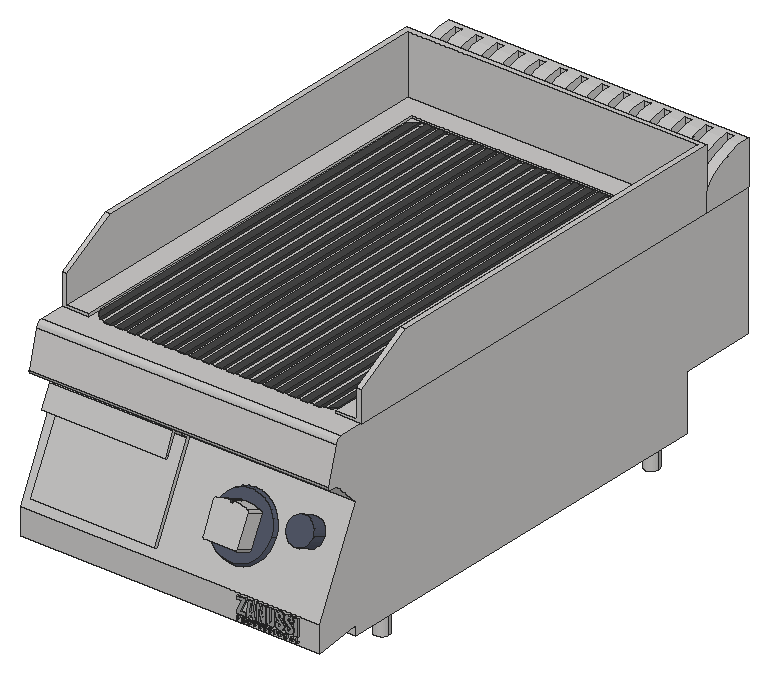
Revit family "QF_ZANUSSI_372323_Z7IILAAOMCA", category Specialty Equipment, Revit 2018 (continued)
Definition of nested family "ZAN_Logo_S_Grey_Professional"
  Forms (mm)
    Extrusion 2, solid, material <- "Materiale"
      sketch origin (17.793, -46.218, 0) x (-1, 0, 0) y (0, -1, 0)
        loop
          spline (5.66, -53.526) -> (5.954, -53.066) -> (6.206, -52.57) -> (6.417, -52.047) -> (6.588, -51.502) -> (6.718, -50.944) -> (6.809, -50.378) -> (6.86, -49.813) -> (6.872, -49.254) -> (6.846, -48.71) -> (6.782, -48.186) -> (6.68, -47.691) -> (6.541, -47.23)
          line (6.541, -47.23) -> (4.526, -44.334) -> (2.386, -42.445)
          spline (2.386, -42.445) -> (2.16, -42.258) -> (1.927, -42.074) -> (1.689, -41.89) -> (1.448, -41.703) -> (1.207, -41.512) -> (0.969, -41.312) -> (0.736, -41.101) -> (0.511, -40.878) -> (0.296, -40.639) -> (0.095, -40.381) -> (-0.091, -40.103) -> (-0.259, -39.8)
          spline (-0.259, -39.8) -> (-0.29, -39.607) -> (-0.318, -39.405) -> (-0.339, -39.197) -> (-0.352, -38.984) -> (-0.352, -38.771) -> (-0.337, -38.557) -> (-0.304, -38.346) -> (-0.249, -38.14) -> (-0.17, -37.941) -> (-0.063, -37.751) -> (0.074, -37.573) -> (0.245, -37.408)
          line (0.245, -37.408) -> (1.882, -37.282)
          spline (1.882, -37.282) -> (2.188, -37.491) -> (2.42, -37.736) -> (2.586, -38.012) -> (2.698, -38.313) -> (2.765, -38.633) -> (2.795, -38.966) -> (2.799, -39.308) -> (2.787, -39.651) -> (2.767, -39.991) -> (2.751, -40.322) -> (2.746, -40.638) -> (2.763, -40.934)
          line (2.763, -40.934) -> (7.171, -40.934)
          spline (7.171, -40.934) -> (7.223, -40.399) -> (7.252, -39.866) -> (7.257, -39.336) -> (7.236, -38.812) -> (7.187, -38.295) -> (7.108, -37.786) -> (6.997, -37.288) -> (6.854, -36.802) -> (6.675, -36.33) -> (6.46, -35.874) -> (6.206, -35.435) -> (5.912, -35.015)
          spline (5.912, -35.015) -> (5.55, -34.687) -> (5.16, -34.396) -> (4.745, -34.14) -> (4.307, -33.92) -> (3.85, -33.734) -> (3.377, -33.583) -> (2.891, -33.466) -> (2.395, -33.383) -> (1.892, -33.333) -> (1.385, -33.316) -> (0.877, -33.331) -> (0.371, -33.378)
          spline (0.371, -33.378) -> (-0.163, -33.462) -> (-0.693, -33.587) -> (-1.213, -33.752) -> (-1.718, -33.957) -> (-2.205, -34.2) -> (-2.667, -34.48) -> (-3.1, -34.798) -> (-3.5, -35.151) -> (-3.861, -35.539) -> (-4.179, -35.961) -> (-4.449, -36.417) -> (-4.666, -36.904)
          spline (-4.666, -36.904) -> (-4.8, -37.505) -> (-4.888, -38.107) -> (-4.93, -38.709) -> (-4.927, -39.306) -> (-4.881, -39.897) -> (-4.792, -40.477) -> (-4.661, -41.045) -> (-4.489, -41.596) -> (-4.276, -42.128) -> (-4.025, -42.638) -> (-3.735, -43.122) -> (-3.407, -43.578)
          line (-3.407, -43.578) -> (1.63, -48.112) -> (2.26, -48.867)
          spline (2.26, -48.867) -> (2.325, -49.027) -> (2.392, -49.191) -> (2.459, -49.359) -> (2.521, -49.529) -> (2.576, -49.702) -> (2.622, -49.874) -> (2.654, -50.047) -> (2.67, -50.22) -> (2.667, -50.39) -> (2.642, -50.558) -> (2.591, -50.722) -> (2.512, -50.882)
          spline (2.512, -50.882) -> (2.439, -51.029) -> (2.347, -51.157) -> (2.24, -51.266) -> (2.12, -51.358) -> (1.989, -51.434) -> (1.851, -51.496) -> (1.707, -51.545) -> (1.56, -51.582) -> (1.414, -51.608) -> (1.27, -51.625) -> (1.131, -51.635) -> (1.001, -51.638)
          line (1.001, -51.638) -> (-0.259, -50.756) -> (-0.385, -48.112) -> (-4.54, -48.112)
          spline (-4.54, -48.112) -> (-4.545, -48.463) -> (-4.556, -48.822) -> (-4.572, -49.188) -> (-4.587, -49.557) -> (-4.598, -49.929) -> (-4.603, -50.3) -> (-4.597, -50.668) -> (-4.577, -51.031) -> (-4.54, -51.388) -> (-4.482, -51.735) -> (-4.399, -52.071) -> (-4.288, -52.393)
          spline (-4.288, -52.393) -> (-4.176, -52.644) -> (-4.031, -52.894) -> (-3.857, -53.139) -> (-3.659, -53.377) -> (-3.439, -53.607) -> (-3.202, -53.825) -> (-2.952, -54.031) -> (-2.693, -54.221) -> (-2.429, -54.394) -> (-2.163, -54.547) -> (-1.9, -54.678) -> (-1.644, -54.786)
        loop
          spline (-16.755, -52.519) -> (-16.407, -53.083) -> (-15.998, -53.58) -> (-15.535, -54.012) -> (-15.024, -54.38) -> (-14.474, -54.684) -> (-13.89, -54.927) -> (-13.28, -55.11) -> (-12.651, -55.233) -> (-12.009, -55.299) -> (-11.362, -55.308) -> (-10.717, -55.263) -> (-10.081, -55.163)
          spline (-10.081, -55.163) -> (-9.638, -55.08) -> (-9.196, -54.956) -> (-8.761, -54.793) -> (-8.336, -54.594) -> (-7.93, -54.36) -> (-7.547, -54.093) -> (-7.192, -53.794) -> (-6.872, -53.466) -> (-6.592, -53.109) -> (-6.358, -52.726) -> (-6.176, -52.319) -> (-6.051, -51.889)
          spline (-6.051, -51.889) -> (-5.857, -51.316) -> (-5.715, -50.731) -> (-5.626, -50.14) -> (-5.589, -49.548) -> (-5.605, -48.959) -> (-5.673, -48.379) -> (-5.794, -47.812) -> (-5.967, -47.263) -> (-6.193, -46.736) -> (-6.471, -46.237) -> (-6.802, -45.771) -> (-7.185, -45.341)
          line (-7.185, -45.341) -> (-11.844, -41.186) -> (-12.851, -39.675)
          spline (-12.851, -39.675) -> (-12.882, -39.483) -> (-12.91, -39.288) -> (-12.934, -39.09) -> (-12.949, -38.891) -> (-12.954, -38.692) -> (-12.946, -38.494) -> (-12.921, -38.299) -> (-12.879, -38.108) -> (-12.816, -37.922) -> (-12.729, -37.742) -> (-12.615, -37.57) -> (-12.473, -37.408)
          line (-12.473, -37.408) -> (-11.214, -37.156)
          spline (-11.214, -37.156) -> (-10.768, -37.262) -> (-10.429, -37.445) -> (-10.183, -37.695) -> (-10.015, -38) -> (-9.912, -38.349) -> (-9.86, -38.73) -> (-9.845, -39.132) -> (-9.852, -39.544) -> (-9.868, -39.954) -> (-9.879, -40.351) -> (-9.871, -40.723) -> (-9.829, -41.06)
          line (-9.829, -41.06) -> (-5.422, -40.934)
          spline (-5.422, -40.934) -> (-5.367, -40.392) -> (-5.333, -39.839) -> (-5.323, -39.279) -> (-5.342, -38.719) -> (-5.395, -38.162) -> (-5.485, -37.613) -> (-5.616, -37.077) -> (-5.795, -36.559) -> (-6.024, -36.064) -> (-6.308, -35.597) -> (-6.651, -35.162) -> (-7.059, -34.764)
          spline (-7.059, -34.764) -> (-7.58, -34.383) -> (-8.132, -34.06) -> (-8.711, -33.794) -> (-9.311, -33.584) -> (-9.927, -33.43) -> (-10.553, -33.331) -> (-11.184, -33.288) -> (-11.816, -33.299) -> (-12.442, -33.365) -> (-13.057, -33.484) -> (-13.657, -33.657) -> (-14.236, -33.882)
          spline (-14.236, -33.882) -> (-14.49, -33.99) -> (-14.747, -34.121) -> (-15.006, -34.276) -> (-15.262, -34.451) -> (-15.515, -34.646) -> (-15.763, -34.858) -> (-16.003, -35.086) -> (-16.232, -35.328) -> (-16.45, -35.582) -> (-16.653, -35.847) -> (-16.839, -36.12) -> (-17.007, -36.401)
          spline (-17.007, -36.401) -> (-17.229, -37.006) -> (-17.395, -37.624) -> (-17.502, -38.25) -> (-17.552, -38.882) -> (-17.544, -39.515) -> (-17.479, -40.147) -> (-17.355, -40.773) -> (-17.174, -41.391) -> (-16.936, -41.996) -> (-16.639, -42.586) -> (-16.285, -43.157) -> (-15.873, -43.704)
          line (-15.873, -43.704) -> (-10.584, -48.489) -> (-9.955, -50.126) -> (-10.459, -51.386) -> (-11.592, -51.638) -> (-12.851, -50.756) -> (-12.977, -48.238) -> (-17.258, -48.112)
          spline (-17.258, -48.112) -> (-17.236, -48.492) -> (-17.23, -48.875) -> (-17.233, -49.261) -> (-17.24, -49.646) -> (-17.245, -50.03) -> (-17.243, -50.41) -> (-17.227, -50.785) -> (-17.193, -51.152) -> (-17.134, -51.512) -> (-17.046, -51.86) -> (-16.921, -52.196) -> (-16.755, -52.519)
        loop
          line (-18.014, -33.378) -> (-22.421, -33.378) -> (-22.421, -54.911) -> (-18.014, -54.911) -> (-18.014, -33.378)
        loop
          line (14.852, -38.541) -> (14.852, -54.911) -> (19.259, -54.911) -> (19.259, -40.43) -> (19.008, -36.904) -> (18.63, -36.023) -> (17.748, -34.89) -> (16.867, -34.26) -> (15.104, -33.504) -> (14.223, -33.378) -> (12.208, -33.378) -> (11.2, -33.63) -> (9.689, -34.512) -> (7.926, -37.03) -> (7.8, -37.912) -> (7.8, -54.911) -> (12.208, -54.911) -> (12.208, -38.919) -> (12.711, -37.786) -> (14.097, -37.66) -> (14.852, -38.541)
        loop
          line (20.267, -54.911) -> (24.296, -54.911) -> (24.296, -41.186) -> (27.948, -54.911) -> (32.607, -54.911) -> (32.607, -33.378) -> (28.704, -33.378) -> (28.704, -47.608) -> (25.052, -33.378) -> (20.267, -33.378) -> (20.267, -54.911)
        loop
          line (47.089, -54.911) -> (58.044, -54.911) -> (58.044, -50.882) -> (52.251, -51.008) -> (58.548, -37.786) -> (58.548, -33.378) -> (47.089, -33.378) -> (47.089, -37.786) -> (53.698, -37.786) -> (47.089, -51.26) -> (47.089, -54.911)
        loop
          line (36.889, -54.911) -> (42.933, -54.911) -> (46.837, -33.378) -> (42.303, -33.378) -> (41.674, -37.534) -> (38.022, -37.534) -> (37.392, -33.378) -> (32.859, -33.378) -> (36.889, -54.911)
        loop
          line (41.17, -41.438) -> (38.652, -41.438) -> (39.911, -51.231) -> (41.17, -41.438)
        loop
          line (57.627, -27.599) -> (56.511, -27.599)
          arc (56.511, -27.599) -> (55.334, -29.219) -> (56.822, -30.559) r 1.496
          line (56.822, -30.559) -> (58.548, -30.559) -> (58.548, -26.082) -> (57.627, -26.082) -> (57.627, -27.599)
        loop
          line (57.627, -29.713) -> (57.627, -28.464) -> (56.699, -28.464)
          arc (56.699, -28.464) -> (56.24, -29.089) -> (56.699, -29.713) r 0.654
          line (56.699, -29.713) -> (57.627, -29.713)
        loop
          line (50.633, -27.625) -> (49.682, -27.625) -> (48.755, -26.082) -> (47.711, -26.082) -> (48.871, -27.993)
          arc (48.871, -27.993) -> (48.433, -29.601) -> (49.798, -30.559) r 1.45
          line (49.798, -30.559) -> (51.553, -30.559) -> (51.553, -26.082) -> (50.633, -26.082) -> (50.633, -27.625)
        loop
          line (50.633, -29.713) -> (50.633, -28.464) -> (49.705, -28.464)
          arc (49.705, -28.464) -> (49.245, -29.089) -> (49.705, -29.713) r 0.654
          line (49.705, -29.713) -> (50.633, -29.713)
        loop
          line (36.111, -26.082) -> (35.19, -26.082) -> (35.19, -27.797) -> (33.505, -27.797) -> (33.505, -28.718) -> (35.19, -28.718) -> (35.19, -29.639) -> (33.344, -29.639) -> (33.344, -30.559) -> (36.111, -30.559) -> (36.111, -26.082)
        loop
          line (29.546, -26.082) -> (26.666, -26.082) -> (26.666, -27.002) -> (28.626, -27.002) -> (28.626, -27.797) -> (26.835, -27.797) -> (26.835, -28.718) -> (28.626, -28.718) -> (28.626, -29.639) -> (26.71, -29.639) -> (26.71, -30.559) -> (29.546, -30.559) -> (29.546, -26.082)
        loop
          line (9.21, -26.082) -> (8.289, -26.082) -> (8.289, -30.559) -> (9.21, -30.559) -> (9.21, -26.082)
        loop
          line (-5.024, -26.082) -> (-5.024, -28.898) -> (-7.072, -26.082) -> (-7.993, -26.082) -> (-7.993, -30.559) -> (-7.037, -30.559) -> (-7.037, -27.659) -> (-4.989, -30.559) -> (-4.069, -30.559) -> (-4.069, -26.082) -> (-5.024, -26.082)
        loop
          line (-11.621, -26.082) -> (-12.61, -26.082) -> (-13.045, -27.048) -> (-14.702, -27.048) -> (-15.137, -26.082) -> (-16.125, -26.082) -> (-14.375, -30.558) -> (-13.454, -30.558) -> (-11.621, -26.082)
        loop
          line (-19.779, -26.082) -> (-22.421, -26.082) -> (-22.421, -27.002) -> (-20.7, -27.002) -> (-20.7, -30.559) -> (-19.779, -30.559) -> (-19.779, -26.082)
        loop
          line (-13.875, -29.102) -> (-13.395, -27.931) -> (-14.333, -27.931) -> (-13.875, -29.102)
        loop
          circle (2.094, -28.293) r 1.482
        loop
          circle (2.094, -28.293) r 2.376
        loop
          arc (16.413, -27.085) -> (15.386, -26.141) -> (13.991, -26.107) r 1.985
          arc (13.991, -26.107) -> (13.047, -26.998) -> (13.375, -28.254) r 1.274
          arc (13.375, -28.254) -> (14.04, -28.662) -> (14.749, -28.985) r 6.355
          arc (14.749, -28.985) -> (15.14, -29.579) -> (14.494, -29.876) r 0.469
          arc (14.494, -29.876) -> (14.107, -29.64) -> (13.784, -29.321) r 1.958
          line (13.784, -29.321) -> (12.995, -29.795)
          arc (12.995, -29.795) -> (13.493, -30.326) -> (14.109, -30.712) r 2.834
          arc (14.109, -30.712) -> (16.031, -29.813) -> (14.826, -28.067) r 1.389
          spline (14.826, -28.067) -> (14.485, -27.906) -> (14.237, -27.756) -> (14.069, -27.617) -> (13.971, -27.49) -> (13.931, -27.375) -> (13.937, -27.273) -> (13.977, -27.185) -> (14.041, -27.112) -> (14.116, -27.053) -> (14.191, -27.011) -> (14.254, -26.985) -> (14.293, -26.976)
          arc (14.293, -26.976) -> (15.035, -26.992) -> (15.586, -27.489) r 1.064
          line (15.586, -27.489) -> (16.413, -27.085)
        loop
          arc (23.156, -27.085) -> (22.129, -26.141) -> (20.734, -26.107) r 1.985
          arc (20.734, -26.107) -> (19.79, -26.998) -> (20.118, -28.254) r 1.274
          arc (20.118, -28.254) -> (20.783, -28.662) -> (21.492, -28.985) r 6.355
          arc (21.492, -28.985) -> (21.883, -29.579) -> (21.237, -29.876) r 0.469
          arc (21.237, -29.876) -> (20.849, -29.64) -> (20.527, -29.321) r 1.958
          line (20.527, -29.321) -> (19.738, -29.795)
          arc (19.738, -29.795) -> (20.236, -30.326) -> (20.852, -30.712) r 2.834
          arc (20.852, -30.712) -> (22.774, -29.813) -> (21.568, -28.067) r 1.389
          spline (21.568, -28.067) -> (21.228, -27.906) -> (20.979, -27.756) -> (20.812, -27.617) -> (20.714, -27.49) -> (20.674, -27.375) -> (20.68, -27.273) -> (20.72, -27.185) -> (20.784, -27.112) -> (20.859, -27.053) -> (20.933, -27.011) -> (20.996, -26.985) -> (21.036, -26.976)
          arc (21.036, -26.976) -> (21.778, -26.992) -> (22.329, -27.489) r 1.064
          line (22.329, -27.489) -> (23.156, -27.085)
        loop
          circle (42.369, -28.293) r 1.482
        loop
          circle (42.369, -28.293) r 2.376
      from 0 to 1.644
  Dimensions and locks
    aligned and locked: plane 2 to Extrusion 1
    aligned and locked: level to Extrusion 1
